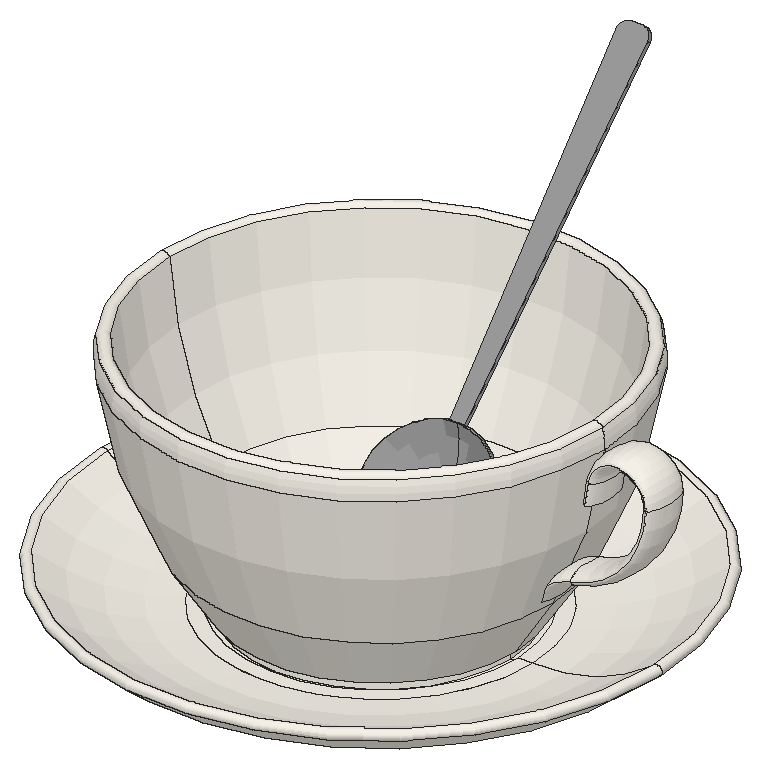
Revit family "Xícara 1", category Specialty Equipment, Revit 2016
Family settings
  Part Type = Undefined
  Round Connector Dimension = Use Diameter
  Work Plane-Based = No
  Always vertical = Yes
  Cut with Voids When Loaded = No
  Shared = No
  Room Calculation Point = No
Parameters
  Talher = yes
  Material Saucer = Porcelana
  Material Cup = Porcelana
  Lepel [instance] = Cup_spoon
  Colher = Cup_spoon
Reference planes
  plane 1 "Center (Front/Back)": y = 0
  plane 2: z = 0
  plane 3 "Center (Left/Right)": x = 0
Forms (mm)
  Revolve 1, solid, material "Porcelana" <- "Material Saucer"
    sketch origin (0, 0, 0) x (1, 0, 0) y (0, 0, 1)
      loop
        line (0, 0) -> (0, 5) -> (-37.054, 5) -> (-37.054, 6) -> (-40.905, 6)
        arc (-40.905, 6) -> (-57.908, 8.786) -> (-73.132, 16.852) r 53.276
        arc (-73.132, 16.852) -> (-74.992, 16.86) -> (-75, 15) r 1.315
        arc (-75, 15) -> (-61.25, 5.75) -> (-45, 2.5) r 42.25
        line (-45, 2.5) -> (-40, 2.5) -> (-40, 0) -> (0, 0)
      axis (0, 0) -> (0, 16.852)
    angle from 0 to 360
  Extrusion 2, solid, material "Cup_spoon" <- "Colher", visible <- "Talher"
    sketch origin (1523.855, 3.564, 10.571) x (0, -0.656059, -0.75471) y (1, 0, 0)
      loop
        line (-35.26, -1522.091) -> (-124.364, -1519.804)
        arc (-124.364, -1519.804) -> (-126.358, -1520.567) -> (-127.234, -1522.513) r 2.8
        line (-127.234, -1522.513) -> (-127.234, -1525.437)
        arc (-127.234, -1525.437) -> (-126.383, -1527.456) -> (-124.342, -1528.257) r 2.821
        line (-124.342, -1528.257) -> (-35.26, -1526) -> (-35.26, -1522.091)
    from 0 to 1
  Revolve 3, solid, material "Cup_spoon" <- "Colher", visible <- "Talher"
    sketch origin (-0.145, 26.848, 7.571) x (0, 1, 0) y (0, 0, 1)
      loop
        arc (-0.022, 29.733) -> (-0.353, 30.184) -> (-0.906, 30.267) r 0.729
        arc (-0.906, 30.267) -> (-1.242, 20.452) -> (-5.546, 11.624) r 23.594
        line (-5.546, 11.624) -> (-4.602, 10.804)
        arc (-4.602, 10.804) -> (-0.011, 19.712) -> (-0.022, 29.733) r 21.21
      axis (-4.602, 10.804) -> (-12.126, 17.329)
    angle from 0 to 360
Dimensions and locks
  aligned and locked: plane 3 "Center (Left/Right)" to nested 1
  aligned and locked: plane 1 "Center (Front/Back)" to nested 1
Nested families
  nested 1: "UK_Cup" at (0, 0, 5), type "UK_Cup"
Definition of nested family "UK_Cup"
  Parameters
    Material Cup = none
  Reference planes
    plane 1 "Center (Front/Back)": y = 0
    plane 2: z = 0
    plane 3 "Center (Left/Right)": x = 0
  Forms (mm)
    Revolve 1, solid, material <- "Material Cup"
      sketch origin (0, 0, 0) x (1, 0, 0) y (0, 0, 1)
        loop
          line (0, 0) -> (0, 6) -> (-34.168, 6)
          arc (-34.168, 6) -> (-38.823, 12.581) -> (-43.031, 19.457) r 121.249
          arc (-43.031, 19.457) -> (-52.267, 41.081) -> (-56.454, 64.219) r 104.906
          arc (-56.454, 64.219) -> (-58.027, 65.102) -> (-59.455, 64) r 1.635
          arc (-59.455, 64) -> (-60.005, 61.53) -> (-60, 59) r 11.477
          arc (-60, 59) -> (-55.357, 37.559) -> (-46.51, 17.483) r 108.906
          arc (-46.51, 17.483) -> (-41.746, 9.751) -> (-36.434, 2.384) r 125.249
          line (-36.434, 2.384) -> (-35, 2) -> (-35, 0) -> (0, 0)
        axis (0, 0) -> (0, 64.219)
      angle from 0 to 360
    Sweep 2, solid, material <- "Material Cup"
      path origin (0, 0, 0) x (1, 0, 0) y (0, 0, 1)
        loop
          line (58.036, 48.282) -> (59.034, 53.939)
          arc (59.034, 53.939) -> (68.978, 61.52) -> (77.338, 52.223) r 9.223
          arc (77.338, 52.223) -> (71.276, 35.798) -> (56.213, 26.872) r 26.166
          arc (56.213, 26.872) -> (51.079, 24.481) -> (47.648, 19.976) r 11.813
      profile origin (68.978, 0, 61.52) x (0.093365, 0, 0.995632) y (0, -1, 0)
        loop
          spline (-1.531, 6) -> (-2.038, 5.796) -> (-2.509, 5.196) -> (-2.914, 4.243) -> (-3.225, 3) -> (-3.42, 1.553) -> (-3.487, 0) -> (-3.42, -1.553) -> (-3.225, -3) -> (-2.914, -4.243) -> (-2.509, -5.196) -> (-2.038, -5.796) -> (-1.531, -6)
          spline (-1.531, -6) -> (-1.025, -5.796) -> (-0.554, -5.196) -> (-0.149, -4.243) -> (0.162, -3) -> (0.358, -1.553) -> (0.424, 0) -> (0.358, 1.553) -> (0.162, 3) -> (-0.149, 4.243) -> (-0.554, 5.196) -> (-1.025, 5.796) -> (-1.531, 6)
